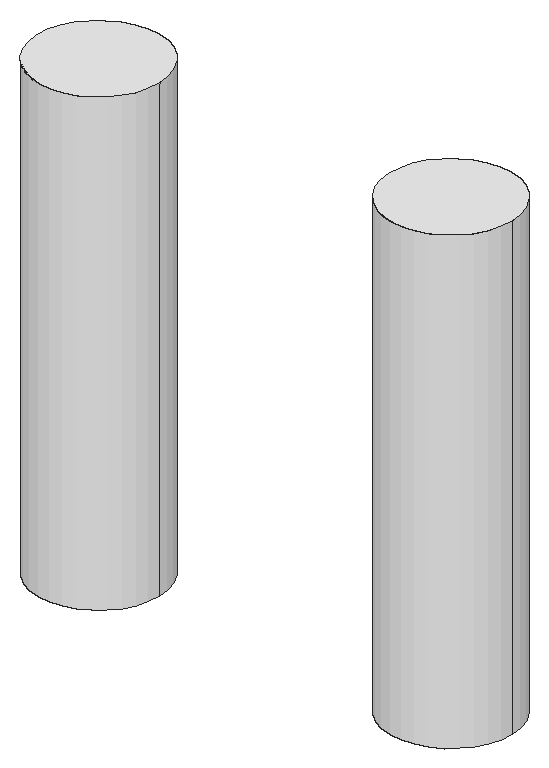
Revit family "51412293", category Plumbing Fixtures, Revit 2018
Family settings
  Round Connector Dimension = Use Diameter
  Part Type = Normal
  OmniClass Number = 23.45.55.00
  OmniClass Title = Sanitary Faucets, Wastes
  Work Plane-Based = No
  Always vertical = Yes
  Cut with Voids When Loaded = No
  Shared = No
  Room Calculation Point = No
Parameters (values of type "51412293 Washbasin faucet ")
  WorkingPressure = "50 - 1000 kPa"
  Working Pressure = "50 - 1000 kPa"
  WarrantyStartDate [instance] = "n/a"
  WarrantyGuarantorParts = "n/a"
  WarrantyGuarantorLabor = "n/a"
  WarrantyDurationUnit = "Year"
  WarrantyDurationParts = "n/a"
  WarrantyDurationLabor = "n/a"
  WarrantyDescription = "http://warranty.hansa.com"
  Warranty Information URL = "http://warranty.hansa.com"
  VersionDate = "01/07/2022"
  Version = "3"  # constant formula
  ValvePattern = "n/a"
  ValveOperation = "n/a"
  ValveMechanism = "n/a"
  Uniclass2015Reference = "Pr_40_20_87_96"
  Uniclass2015Description = "Washbasin manual water supply sets"
  Uniclass2 = "Pr_40_30_96_96"
  URL REACH = "http://static.hansa.com/doc/reach"
  URL KIWA = "http://static.hansa.com/Kiwa/51412293"
  URL Declaration of Conformity = "http://static.hansa.com/DoC/51412293"
  URL DVGW = "http://static.hansa.com/DVGW/51412293"
  URL ABP = "http://static.hansa.com/ABP/51412293"
  URL = ""
  UNSPSC Class Number = "30181700 Faucets or taps"
  TestPressure = "n/a"
  Temperature Adjustments = "Limitation option for maximum temperature and flow-rate ;Adjustable hot water stop (included, retrofittable)"
  Temperature = "Temperature limiter;Temperature limiter (retrofittable)"
  Technical DataSheet URL = "http://www.hansa.com/datasheet/51412293/en"
  TagNumber [instance] = "n/a"
  SustainabilityPerformance = "n/a"
  Surface treatment = "Chrome"
  Spout Type = "Fixed spout"
  Spout Projection = "103 mm"
  Spare-Part Information URL = "http://static.hansa.com/sp/51412293"
  Size = "48.5x137x136 mm"
  Shape = "Sculptured"
  SerialNumber [instance] = "n/a"
  Sales Package dimensions (LxWxH) = "380 x 180 x 74"
  Revision = "3"  # constant formula
  ReplacementCost = "n/a"
  ProductInformation = "Washbasin faucet with fixed spout and aerator"
  Product URL = "http://static.hansa.com/51412293"
  Product Image URL = "http://static.hansa.com/image/51412293"
  Product Family = "HANSAPOLO "
  Product Code = "51412293"
  OperatingMechanismMaterial = "n/a"
  NominalWidth = 48.5 mm
  NominalHeight = 137 mm
  NominalDepth = 137 mm
  Noise Class = "I (ISO3822)"
  Name_en = "51412293 Washbasin faucet"
  Name = "51412293 Washbasin faucet"
  NBSReference = "45-35-70/371"
  NBSDescription = "Water supply fittings for wash basins and troughs"
  Mounting Holes = "1 hole"
  ModelReference = "51412293"
  ModelNumber = "n/a"
  Model = "51412293 Washbasin faucet"
  Mobile Product Information URL = "http://mpi.hansa.com/51412293"
  Mechanical Parts = "ø 35 mm ceramic cartridge for flow and temperature control"
  Max. Hot Water Supply = 70 °C
  Material = "Brass"
  Market = "Austria;Belgium;Czech Republic;Germany;Spain;International;Italy;Netherlands;Slovakia"
  ManufacturerURL = "http://www.hansa.com"
  ManufacturerName = "HANSA"
  Manufacturer = "HANSA"
  Lever Handle = "Hot/Cold symbols;Single operating lever/handle"
  Interactive AR View URL = "https://static.hansa.com/AR/51412293"
  InstallationDate [instance] = "n/a"
  Installation and Maintenance Guide URL = "http://static.hansa.com/manual/51412293"
  Installation Type = "Deck mounted"
  InletConnectionSize = 8 mm
  IfcExportType = "FAUCET"  # constant formula
  IfcExportAs = "IfcValveType"  # constant formula
  Group = "Washbasin faucet"
  Grade = "n/a"
  FlowCoefficient = 0
  Flow Rate At 300kPa With Flow Controller = 0.1 L/s
  Flow Drawing URL = "http://static.hansa.com/flowchart/51412293"
  Finish = "Polished"
  Features = "Single-lever"
  FaucetMainMaterial = Brass
  FDV Document URL = "http://www.hansa.com/datasheet/51412293/en/fdv"
  Extensions = "Chain holder with chain"
  ExpectedLife = "n/a"
  Excluded Items = "Without pop-up waste"
  ETIM Class Number = "EC011328 Washbasin mixing tap"
  EN Standard = "EN 817"
  EAN Number = "4057304002823"
  DurationUnit = "Year"
  Dimension Drawing URL = "http://static.hansa.com/dimdrw/51412293"
  Description = "Washbasin faucet with fixed spout and aerator"
  DefaultElevation [instance] = 900 mm
  Constituents = "n/a"
  Connection Size = "G3/8"
  Connection = "Flexible inlet pipes"
  Color = "Chrome"
  CodePerformance = "n/a"
  CloseOffRating = 0
  Category = "Bathroom"
  Catalog Drawing URL = "http://static.hansa.com/catdrw/51412293"
  Brand = "HANSA"
  BodyMaterial = "Brass"
  Barcode [instance] = "n/a"
  BIMObjectName = "51412293"
  Author = "BIMStone"
  AssetType = "Fixed"
  AssetIdentifier [instance] = "n/a"
  Approval KIWA = "K6116/08"
  Approval DVGW = "NW-6506BP0361"
  Approval ABP = "P-IX 29493/IA"
  Ambience photo = "http://static.hansa.com/ambience/51412293"
  Aerator = "PCA® - constant flow rate regardless of pressure variations"
  Advanced Features = "Inner body made of DZR brass;Rapid installation system"
  AccessibilityPerformance = "n/a"
  3D View = "https://static.hansa.com/3D/51412293"
  2D/3D/BIM Files URL = "http://static.hansa.com/bim/51412293"
Reference planes
  plane 1 "Center (Front/Back)": y = 0
  plane 2: z = 0
  plane 3 "Center (Left/Right)": x = 0
  plane 4: x = -24.25
  plane 5: z = 1037
  plane 6: z = 900
  plane 7: z = 870
  plane 8: y = -137
  plane 9: x = 24.25
Forms (mm)
  Extrusion 1, solid, material "Brass" <- "FaucetMainMaterial"
    sketch origin (0, 0, 0) x (1, 0, 0) y (0, 1, 0)
      loop
        circle (-11.5, -22.5) r 4
      loop
        circle (11.5, -22.5) r 4
    from 870 to 900
  Extrusion 2, solid, material "Brass" <- "FaucetMainMaterial", detail levels medium
    sketch origin (0, 0, 0) x (0, 1, 0) y (0, 0, 1)
      loop
        line (-11.837, 1037) -> (-124.122, 1037) -> (-122.074, 1028.126) -> (-62.2, 1027.177)
        arc (-62.2, 1027.177) -> (-58.651, 1025.78) -> (-57.131, 1022.282) r 4.983
        line (-57.131, 1022.282) -> (-56.683, 996.618) -> (-137, 989.601) -> (-137, 987.69) -> (-131.699, 983.242) -> (-135.856, 977.305) -> (-116.182, 963.529) -> (-114.062, 966.556) -> (-77.551, 967.193)
        arc (-77.551, 967.193) -> (-59.309, 959.809) -> (-50.685, 942.118) r 27.474
        line (-50.685, 942.118) -> (-47, 900) -> (0, 900) -> (-11.837, 1037)
    from -24.25 to 24.25
  Extrusion 3, solid, material "Brass" <- "FaucetMainMaterial", detail levels coarse
    sketch origin (0, 0, 0) x (1, 0, 0) y (0, 1, 0)
      loop
        line (-24.25, 0) -> (-24.25, -137) -> (24.25, -137) -> (24.25, 0) -> (-24.25, 0)
    from 900 to 1037
Lines and regions (mm)
  symbolic lines, detail levels medium+fine
    curve 1: line (0, 0, 900) -> (-23.5, 0, 900)
    curve 2: line (-23.5, 0, 900) -> (-23.5, 0, 998.12)
    curve 3: spline (-24.25, 0, 1002.285) -> (-24.238, 0, 1002.205) -> (-24.201, 0, 1002.125) -> (-24.14, 0, 1002.045) -> (-24.055, 0, 1001.966) -> (-23.945, 0, 1001.886) -> (-23.812, 0, 1001.808) -> (-23.654, 0, 1001.729) -> (-23.472, 0, 1001.651) -> (-23.267, 0, 1001.574) -> (-23.039, 0, 1001.498) -> (-22.787, 0, 1001.422) -> (-22.512, 0, 1001.347)
    curve 4: arc (-24.25, 0, 1002.285) -> (-23.247, 0, 1017.942) -> (-21.807, 0, 1033.565) r 561.53
    curve 5: line (-20.482, 0, 1035.174) -> (-14.32, 0, 1036.261)
    curve 6: arc (-14.32, 0, 1036.261) -> (-9.879, 0, 1036.835) -> (-5.404, 0, 1037) r 48.793
    curve 7: line (-5.404, 0, 1037) -> (0, 0, 1037)
    curve 9: line (0, 0, 900) -> (23.5, 0, 900)
    curve 10: line (23.5, 0, 900) -> (23.5, 0, 998.12)
    curve 11: spline (24.25, 0, 1002.285) -> (24.238, 0, 1002.205) -> (24.201, 0, 1002.125) -> (24.14, 0, 1002.045) -> (24.055, 0, 1001.966) -> (23.945, 0, 1001.886) -> (23.812, 0, 1001.808) -> (23.654, 0, 1001.729) -> (23.472, 0, 1001.651) -> (23.267, 0, 1001.574) -> (23.039, 0, 1001.498) -> (22.787, 0, 1001.422) -> (22.512, 0, 1001.347)
    curve 12: arc (24.25, 0, 1002.285) -> (23.247, 0, 1017.942) -> (21.807, 0, 1033.565) r 561.53
    curve 13: line (20.482, 0, 1035.174) -> (14.32, 0, 1036.261)
    curve 14: arc (14.32, 0, 1036.261) -> (9.879, 0, 1036.835) -> (5.404, 0, 1037) r 48.793
    curve 15: line (5.404, 0, 1037) -> (0, 0, 1037)
    curve 16: line (-22.633, 0, 998.988) -> (-22.512, 0, 1001.347)
    curve 17: line (22.633, 0, 998.988) -> (22.512, 0, 1001.347)
    curve 18: arc (-22.633, 0, 998.988) -> (-23.246, 0, 998.734) -> (-23.5, 0, 998.12) r 0.867
    curve 19: arc (22.633, 0, 998.988) -> (23.246, 0, 998.734) -> (23.5, 0, 998.12) r 0.867
    curve 20: arc (-20.482, 0, 1035.174) -> (-21.441, 0, 1034.614) -> (-21.807, 0, 1033.565) r 1.605
    curve 21: arc (20.482, 0, 1035.174) -> (21.441, 0, 1034.614) -> (21.807, 0, 1033.565) r 1.605
    curve 59: line (0, 0, 900) -> (0, -47, 900)
    curve 60: line (0, -47, 900) -> (0, -50.685, 942.118)
    curve 61: arc (0, -50.685, 942.118) -> (0, -59.309, 959.809) -> (0, -77.551, 967.193) r 27.474
    curve 62: line (0, -77.551, 967.193) -> (0, -109.985, 966.627)
    curve 63: arc (0, -109.985, 966.627) -> (0, -111.706, 966.9) -> (0, -113.23, 967.744) r 5.017
    curve 65: line (0, -136.087, 989.68) -> (0, -56.683, 996.618)
    curve 66: line (0, -56.683, 996.618) -> (0, -57.131, 1022.282)
    curve 67: arc (0, -57.131, 1022.282) -> (0, -58.651, 1025.78) -> (0, -62.2, 1027.177) r 4.983
    curve 68: line (0, -62.2, 1027.177) -> (0, -118.76, 1028.074)
    curve 69: arc (0, -118.76, 1028.074) -> (0, -121.312, 1028.98) -> (0, -122.794, 1031.248) r 4.237
    curve 70: line (0, -122.794, 1031.248) -> (0, -123.357, 1033.686)
    curve 71: arc (0, -123.357, 1033.686) -> (0, -123.101, 1034.795) -> (0, -122.07, 1035.277) r 1.299
    curve 72: line (0, -122.07, 1035.277) -> (0, -83.546, 1036.623)
    curve 73: arc (0, -83.546, 1036.623) -> (0, -75.229, 1036.862) -> (0, -66.91, 1037) r 680.589
    curve 74: arc (0, -66.91, 1037) -> (0, -40.52, 1036.693) -> (0, -14.169, 1035.22) r 597.328
    curve 75: arc (0, -14.169, 1035.22) -> (0, -13.191, 1034.767) -> (0, -12.746, 1033.786) r 1.547
    curve 76: line (0, -12.746, 1033.786) -> (0, -9.744, 1014.834)
    curve 77: line (0, -9.744, 1014.834) -> (0, -15.314, 1011.619)
    curve 78: arc (0, -15.314, 1011.619) -> (0, -12.568, 1006.368) -> (0, -11.235, 1000.594) r 23.302
    curve 79: arc (0, -137, 988.684) -> (0, -136.737, 989.36) -> (0, -136.087, 989.68) r 1
    curve 80: arc (0, -137, 988.156) -> (0, -136.906, 987.733) -> (0, -136.643, 987.39) r 1
    curve 81: line (0, -137, 988.684) -> (0, -137, 988.156)
    curve 82: line (0, -116.182, 963.529) -> (0, -135.856, 977.305)
    curve 83: line (0, -131.699, 983.242) -> (0, -135.856, 977.305)
    curve 84: line (0, -113.23, 967.744) -> (0, -116.182, 963.529)
    curve 85: line (0, -131.699, 983.242) -> (0, -136.643, 987.39)
    curve 89: line (0, -11.235, 1000.594) -> (0, -8.819, 1000.805)
    curve 91: line (0, -137, 0) -> (-6.831, -137, 0)
    curve 92: arc (-6.831, -137, 0) -> (-9.954, -136.71, 0) -> (-12.97, -135.849, 0) r 16.95
    curve 93: arc (-12.97, -135.849, 0) -> (-13.9, -135.32, 0) -> (-14.637, -134.545, 0) r 3.659
    curve 94: arc (-14.637, -134.545, 0) -> (-15.74, -132.603, 0) -> (-16.449, -130.485, 0) r 11.565
    curve 95: line (-16.449, -130.485, 0) -> (-22.722, -40.776, 0)
    curve 96: line (0, -137, 0) -> (6.831, -137, 0)
    curve 97: arc (6.831, -137, 0) -> (9.954, -136.71, 0) -> (12.97, -135.849, 0) r 16.95
    curve 98: arc (12.97, -135.849, 0) -> (13.9, -135.32, 0) -> (14.637, -134.545, 0) r 3.659
    curve 99: arc (14.637, -134.545, 0) -> (15.74, -132.603, 0) -> (16.449, -130.485, 0) r 11.565
    curve 100: line (16.449, -130.485, 0) -> (22.722, -40.776, 0)
    curve 102: spline (23.357, -26.09, 0) -> (23.666, -27.298, 0) -> (23.911, -28.52, 0) -> (24.09, -29.752, 0) -> (24.203, -30.993, 0) -> (24.249, -32.237, 0) -> (24.228, -33.482, 0) -> (24.141, -34.725, 0) -> (23.988, -35.961, 0) -> (23.769, -37.187, 0) -> (23.484, -38.401, 0) -> (23.135, -39.598, 0) -> (22.722, -40.776, 0)
    curve 103: arc (23.357, -26.09, 0) -> (0, 0, 0) -> (-23.357, -26.09, 0) r 23.5
    curve 112: spline (-22.722, -40.776, 0) -> (-23.135, -39.598, 0) -> (-23.484, -38.401, 0) -> (-23.769, -37.187, 0) -> (-23.988, -35.961, 0) -> (-24.141, -34.725, 0) -> (-24.228, -33.482, 0) -> (-24.249, -32.237, 0) -> (-24.203, -30.993, 0) -> (-24.09, -29.752, 0) -> (-23.911, -28.52, 0) -> (-23.666, -27.298, 0) -> (-23.357, -26.09, 0)
    curve 117: line (0, 0, 900) -> (0, -8.819, 1000.805)
  symbolic lines, detail levels fine
    curve 8: spline (-22.512, 0, 1001.347) -> (-19.863, 0, 1000.838) -> (-16.168, 0, 1000.405) -> (-11.62, 0, 1000.071) -> (-6.46, 0, 999.854) -> (-0.96, 0, 999.765) -> (4.591, 0, 999.808) -> (9.899, 0, 999.982) -> (14.687, 0, 1000.278) -> (18.7, 0, 1000.679) -> (21.728, 0, 1001.165) -> (23.611, 0, 1001.71) -> (24.25, 0, 1002.285)
    curve 22: line (-15.899, 0, 1034.548) -> (-15.72, 0, 1031.125)
    curve 23: arc (-15.72, 0, 1031.125) -> (-14.393, 0, 1028.344) -> (-11.489, 0, 1027.315) r 4.026
    curve 24: line (-11.489, 0, 1027.315) -> (0, 0, 1027.315)
    curve 25: arc (-14.32, 0, 1036.261) -> (-15.47, 0, 1035.737) -> (-15.899, 0, 1034.548) r 1.629
    curve 26: line (15.899, 0, 1034.548) -> (15.72, 0, 1031.125)
    curve 27: arc (15.72, 0, 1031.125) -> (14.393, 0, 1028.344) -> (11.489, 0, 1027.315) r 4.026
    curve 28: line (11.489, 0, 1027.315) -> (0, 0, 1027.315)
    curve 29: arc (14.32, 0, 1036.261) -> (15.47, 0, 1035.737) -> (15.899, 0, 1034.548) r 1.629
    curve 30: spline (-22.633, 0, 998.988) -> (-21.861, 0, 998.451) -> (-19.6, 0, 997.951) -> (-16.004, 0, 997.522) -> (-11.316, 0, 997.193) -> (-5.858, 0, 996.986) -> (0, 0, 996.915) -> (5.858, 0, 996.986) -> (11.316, 0, 997.193) -> (16.004, 0, 997.522) -> (19.6, 0, 997.951) -> (21.861, 0, 998.451) -> (22.633, 0, 998.988)
    curve 31: spline (10.74, 0, 970.347) -> (10.374, 0, 971.955) -> (9.301, 0, 973.453) -> (7.594, 0, 974.74) -> (5.37, 0, 975.728) -> (2.78, 0, 976.349) -> (0, 0, 976.56) -> (-2.78, 0, 976.349) -> (-5.37, 0, 975.728) -> (-7.594, 0, 974.74) -> (-9.301, 0, 973.453) -> (-10.374, 0, 971.955) -> (-10.74, 0, 970.347) -> (-10.374, 0, 968.738) -> (-9.301, 0, 967.24) -> (-7.594, 0, 965.953) -> (-5.37, 0, 964.965) -> (-2.78, 0, 964.345) -> (0, 0, 964.133) -> (2.78, 0, 964.345) -> (5.37, 0, 964.965) -> (7.594, 0, 965.953) -> (9.301, 0, 967.24) -> (10.374, 0, 968.738) -> (10.74, 0, 970.347)
    curve 32: line (-10.74, 0, 970.347) -> (-10.74, 0, 977.121)
    curve 33: line (10.74, 0, 970.347) -> (10.74, 0, 977.121)
    curve 34: spline (-10.74, 0, 970.633) -> (-11.115, 0, 971.144) -> (-11.425, 0, 971.671) -> (-11.668, 0, 972.211) -> (-11.842, 0, 972.761) -> (-11.948, 0, 973.317) -> (-11.983, 0, 973.877) -> (-11.948, 0, 974.437) -> (-11.842, 0, 974.993) -> (-11.668, 0, 975.543) -> (-11.425, 0, 976.083) -> (-11.115, 0, 976.61) -> (-10.74, 0, 977.121)
    curve 35: line (-11.983, 0, 973.877) -> (-11.983, 0, 976.203)
    curve 36: line (11.983, 0, 973.877) -> (11.983, 0, 976.203)
    curve 37: spline (-11.983, 0, 976.203) -> (-11.574, 0, 978.096) -> (-10.377, 0, 979.86) -> (-8.473, 0, 981.375) -> (-5.991, 0, 982.538) -> (-3.101, 0, 983.269) -> (0, 0, 983.518) -> (3.101, 0, 983.269) -> (5.991, 0, 982.538) -> (8.473, 0, 981.375) -> (10.377, 0, 979.86) -> (11.574, 0, 978.096) -> (11.983, 0, 976.203)
    curve 38: spline (-10.74, 0, 977.121) -> (-9.578, 0, 978.273) -> (-8.088, 0, 979.275) -> (-6.321, 0, 980.092) -> (-4.338, 0, 980.696) -> (-2.207, 0, 981.067) -> (0, 0, 981.192) -> (2.207, 0, 981.067) -> (4.338, 0, 980.696) -> (6.321, 0, 980.092) -> (8.088, 0, 979.275) -> (9.578, 0, 978.273) -> (10.74, 0, 977.121)
    curve 39: spline (10.74, 0, 977.121) -> (11.115, 0, 976.61) -> (11.425, 0, 976.083) -> (11.668, 0, 975.543) -> (11.842, 0, 974.993) -> (11.948, 0, 974.437) -> (11.983, 0, 973.877) -> (11.948, 0, 973.317) -> (11.842, 0, 972.761) -> (11.668, 0, 972.211) -> (11.425, 0, 971.671) -> (11.115, 0, 971.144) -> (10.74, 0, 970.633)
    curve 40: line (-23.5, 0, 998.12) -> (-17.681, 0, 988.808)
    curve 41: line (-17.681, 0, 988.808) -> (-16.86, 0, 987.494)
    curve 42: arc (-16.86, 0, 987.494) -> (-15.964, 0, 986.671) -> (-14.772, 0, 986.423) r 2.289
    curve 43: line (-3.71, 0, 987.138) -> (-14.772, 0, 986.423)
    curve 44: arc (-3.71, 0, 987.138) -> (-1.858, 0, 987.301) -> (0, 0, 987.355) r 31.816
    curve 45: line (23.5, 0, 998.12) -> (16.86, 0, 987.494)
    curve 46: arc (16.86, 0, 987.494) -> (15.963, 0, 986.67) -> (14.77, 0, 986.422) r 2.29
    curve 47: line (3.71, 0, 987.138) -> (14.77, 0, 986.422)
    curve 48: arc (3.71, 0, 987.138) -> (1.858, 0, 987.301) -> (0, 0, 987.355) r 31.816
    curve 49: line (-23.5, 0, 988.518) -> (-18.651, 0, 977.627)
    curve 50: arc (-18.651, 0, 977.627) -> (-15.357, 0, 972.753) -> (-10.589, 0, 969.307) r 16.858
    curve 51: line (23.5, 0, 988.518) -> (18.651, 0, 977.627)
    curve 52: arc (18.651, 0, 977.627) -> (15.357, 0, 972.753) -> (10.589, 0, 969.307) r 16.858
    curve 53: line (-17.103, 0, 984.092) -> (-17.368, 0, 980.229)
    curve 54: arc (-17.368, 0, 980.229) -> (-16.589, 0, 975.346) -> (-13.751, 0, 971.296) r 11.008
    curve 55: arc (-14.772, 0, 986.423) -> (-16.42, 0, 985.741) -> (-17.103, 0, 984.092) r 2.331
    curve 56: line (17.103, 0, 984.092) -> (17.368, 0, 980.229)
    curve 57: arc (17.368, 0, 980.229) -> (16.589, 0, 975.346) -> (13.751, 0, 971.296) r 11.008
    curve 58: arc (14.772, 0, 986.423) -> (16.42, 0, 985.741) -> (17.103, 0, 984.092) r 2.331
    curve 64: line (0, -113.23, 967.744) -> (0, -131.699, 983.242)
    curve 86: line (0, -15.314, 1011.619) -> (0, -31.179, 1002.459)
    curve 87: line (0, -56.746, 1000.222) -> (0, -31.179, 1002.459)
    curve 88: line (0, -56.683, 996.618) -> (0, -11.235, 1000.594)
    curve 90: spline (-16.871, -49.542, 0) -> (-17.505, -48.918, 0) -> (-18.114, -48.272, 0) -> (-18.699, -47.604, 0) -> (-19.258, -46.915, 0) -> (-19.791, -46.206, 0) -> (-20.296, -45.479, 0) -> (-20.774, -44.734, 0) -> (-21.223, -43.971, 0) -> (-21.643, -43.194, 0) -> (-22.033, -42.401, 0) -> (-22.393, -41.595, 0) -> (-22.722, -40.776, 0)
    curve 101: spline (-23.357, -26.09, 0) -> (-21.412, -21.325, 0) -> (-18.468, -17.081, 0) -> (-14.662, -13.556, 0) -> (-10.172, -10.913, 0) -> (-5.207, -9.276, 0) -> (0, -8.722, 0) -> (5.207, -9.276, 0) -> (10.172, -10.913, 0) -> (14.662, -13.556, 0) -> (18.468, -17.081, 0) -> (21.412, -21.325, 0) -> (23.357, -26.09, 0)
    curve 104: line (0, -123.45, 0) -> (-5, -123.45, 0)
    curve 105: arc (-5, -123.45, 0) -> (-8.178, -122.739, 0) -> (-10.749, -120.742, 0) r 7.456
    curve 106: arc (-10.749, -120.742, 0) -> (-11.709, -119.136, 0) -> (-12.144, -117.316, 0) r 6.19
    curve 107: line (-12.144, -117.316, 0) -> (-15.964, -54.466, 0)
    curve 108: line (0, -123.45, 0) -> (5, -123.45, 0)
    curve 109: arc (5, -123.45, 0) -> (8.178, -122.739, 0) -> (10.749, -120.742, 0) r 7.456
    curve 110: arc (10.749, -120.742, 0) -> (11.709, -119.136, 0) -> (12.144, -117.316, 0) r 6.19
    curve 111: line (12.144, -117.316, 0) -> (15.964, -54.466, 0)
    curve 113: spline (22.722, -40.776, 0) -> (22.393, -41.595, 0) -> (22.033, -42.401, 0) -> (21.643, -43.194, 0) -> (21.223, -43.971, 0) -> (20.774, -44.734, 0) -> (20.296, -45.479, 0) -> (19.791, -46.206, 0) -> (19.258, -46.915, 0) -> (18.699, -47.604, 0) -> (18.114, -48.272, 0) -> (17.505, -48.918, 0) -> (16.871, -49.542, 0)
    curve 114: spline (18.875, -45.082, 0) -> (21.467, -38.062, 0) -> (21.469, -30.592, 0) -> (18.881, -23.572, 0) -> (14.014, -17.848, 0) -> (7.457, -14.112, 0) -> (0, -12.815, 0) -> (-7.457, -14.112, 0) -> (-14.014, -17.848, 0) -> (-18.881, -23.572, 0) -> (-21.469, -30.592, 0) -> (-21.467, -38.062, 0) -> (-18.875, -45.082, 0)
    curve 115: arc (-15.964, -54.466, 0) -> (-16.854, -49.598, 0) -> (-18.875, -45.082, 0) r 20.664
    curve 116: arc (15.964, -54.466, 0) -> (16.854, -49.598, 0) -> (18.875, -45.082, 0) r 20.664
Dimensions and locks
  "NominalHeight": plane 5 to plane 6
  "DefaultElevation": plane 6 to level
  locked: plane 6 to plane 7 at 30
  "NominalDepth": plane 8 to plane 1 "Center (Front/Back)"
  equal spacing: plane 4, plane 3 "Center (Left/Right)", plane 9
  "NominalWidth": plane 4 to plane 9
  "InletConnectionSize": diameter of Extrusion 1 sketch curve  (x2)
  aligned and locked: level to plane 2
  aligned and locked: plane 6 to Extrusion 1
  aligned and locked: Extrusion 1 to plane 7
  aligned and locked: Extrusion 3 to plane 6
  aligned and locked: plane 5 to Extrusion 3
  aligned and locked: plane 6 to import instance
Automatic sketch dimensions
  curve 101 to plane 4 = 0 mm
  curve 90 to plane 4 = 0 mm
  curve 112 to plane 4 = 0 mm
  curve 113 to plane 4 = 0 mm
  curve 102 to plane 4 = 0 mm
  plane 8 to curve 92 = 0 mm
  curve 96 to plane 3 "Center (Left/Right)" = 0 mm
  curve 90 to plane 3 "Center (Left/Right)" = 0 mm
  curve 101 to plane 3 "Center (Left/Right)" = 0 mm
  curve 102 to plane 3 "Center (Left/Right)" = 0 mm
  curve 113 to plane 3 "Center (Left/Right)" = 0 mm
  curve 108 to plane 3 "Center (Left/Right)" = 0 mm
  curve 103 to plane 3 "Center (Left/Right)" = 0 mm
  curve 114 to plane 3 "Center (Left/Right)" = 0 mm
  curve 112 to plane 3 "Center (Left/Right)" = 0 mm
  curve 115 to plane 4 = 12.34 mm
  plane 4 to curve 95 = 1.528 mm
  plane 4 to curve 95 = 7.801 mm
  plane 4 to curve 107 = 8.286 mm
  plane 4 to curve 107 = 12.106 mm
  curve 95 to curve 93 = 4.805 mm
  curve 106 to curve 92 = 5.313 mm
  curve 92 to curve 106 = 0.855 mm
  curve 94 to plane 3 "Center (Left/Right)" = 5.179 mm
  curve 92 to curve 104 = 1.831 mm
  plane 3 "Center (Left/Right)" to curve 108 = 5 mm
  curve 108 to curve 99 = 0.179 mm
  curve 109 to curve 110 = 0.976 mm
  curve 110 to curve 97 = 0.855 mm
  curve 98 to plane 8 = 4.562 mm
  curve 97 to curve 98 = 4.813 mm
  curve 97 to curve 111 = 5.313 mm
  plane 9 to curve 111 = 8.286 mm
  curve 98 to curve 100 = 4.805 mm
  plane 9 to curve 100 = 1.528 mm
  curve 116 to plane 9 = 12.34 mm
  curve 93 to plane 8 = 4.562 mm
  curve 93 to curve 95 = 1.953 mm
  curve 98 to curve 100 = 1.953 mm
  curve 98 to curve 99 = 4.55 mm
  curve 93 to curve 94 = 4.55 mm
  curve 94 to curve 104 = 4.438 mm
  curve 109 to curve 97 = 3.4 mm
  curve 105 to curve 92 = 3.4 mm
  curve 92 to curve 107 = 2.733 mm
  curve 97 to curve 111 = 2.733 mm
  curve 97 to curve 110 = 3.25 mm
  curve 92 to curve 106 = 3.25 mm
  curve 106 to curve 105 = 0.806 mm
  curve 110 to curve 109 = 0.806 mm
  plane 1 "Center (Front/Back)" to curve 115 = 55.719 mm
  curve 116 to curve 111 = 1.254 mm
  curve 115 to curve 107 = 1.254 mm
  curve 115 to curve 95 = 13.69 mm
  curve 111 to curve 100 = 13.69 mm
  plane 1 "Center (Front/Back)" to curve 103 = 23.5 mm
  plane 4 to curve 103 = 0.893 mm
  plane 4 to curve 115 = 5.375 mm
  curve 115 to curve 90 = 2.004 mm
  curve 93 to curve 94 = 0 mm
  curve 98 to curve 97 = 0 mm
  curve 113 to curve 114 = 2.004 mm
  plane 9 to curve 114 = 2.451 mm
  curve 113 to curve 114 = 4.46 mm
  curve 114 to curve 90 = 1.844 mm
  curve 101 to curve 90 = 0 mm
  curve 112 to curve 113 = 0 mm
  Extrusion 3 sketch curve to plane 4 = 0 mm
  plane 8 to Extrusion 3 sketch curve = 0 mm
  Extrusion 3 sketch curve to plane 9 = 0 mm
  Extrusion 3 sketch curve to plane 1 "Center (Front/Back)" = 0 mm
  Extrusion 2 sketch curve to plane 8 = 0 mm
  Extrusion 2 sketch curve to plane 6 = 0 mm
  Extrusion 2 sketch curve to plane 5 = 0 mm
  Extrusion 2 sketch curve to plane 1 "Center (Front/Back)" = 0 mm
  Extrusion 2 sketch curve to plane 8 = 1.144 mm
  Extrusion 2 sketch curve to plane 8 = 5.301 mm
  Extrusion 2 sketch curve to plane 8 = 12.878 mm
  Extrusion 2 sketch curve to Extrusion 2 sketch curve = 2.049 mm
  Extrusion 2 sketch curve to plane 8 = 20.818 mm
  Extrusion 2 sketch curve to Extrusion 2 sketch curve = 2.12 mm
  Extrusion 2 sketch curve to Extrusion 2 sketch curve = 36.007 mm
  Extrusion 2 sketch curve to Extrusion 2 sketch curve = 0.503 mm
  Extrusion 2 sketch curve to plane 5 = 9.823 mm
  Extrusion 2 sketch curve to Extrusion 2 sketch curve = 59.874 mm
  Extrusion 2 sketch curve to Extrusion 2 sketch curve = 0.087 mm
  Extrusion 2 sketch curve to plane 5 = 14.718 mm
  Extrusion 2 sketch curve to Extrusion 2 sketch curve = 4.982 mm
  Extrusion 2 sketch curve to Extrusion 2 sketch curve = 0.448 mm
  Extrusion 2 sketch curve to Extrusion 2 sketch curve = 27.37 mm
  Extrusion 2 sketch curve to Extrusion 2 sketch curve = 3.685 mm
  plane 6 to Extrusion 2 sketch curve = 39.723 mm
  Extrusion 2 sketch curve to Extrusion 2 sketch curve = 2.395 mm
  Extrusion 2 sketch curve to Extrusion 2 sketch curve = 3.664 mm
  Extrusion 2 sketch curve to Extrusion 2 sketch curve = 3.027 mm
  Extrusion 2 sketch curve to Extrusion 2 sketch curve = 4.448 mm
  Extrusion 2 sketch curve to Extrusion 2 sketch curve = 1.911 mm
  Extrusion 2 sketch curve to Extrusion 2 sketch curve = 25.664 mm
  Extrusion 2 sketch curve to plane 5 = 8.874 mm
  plane 1 "Center (Front/Back)" to Extrusion 2 sketch curve = 11.837 mm
  curve 81 to plane 8 = 0 mm
  curve 73 to plane 5 = 0 mm
  curve 74 to plane 5 = 0 mm
  curve 59 to plane 6 = 0 mm
  curve 59 to plane 1 "Center (Front/Back)" = 0 mm
  curve 85 to plane 8 = 0.357 mm
  curve 80 to plane 8 = 1 mm
  curve 79 to curve 80 = 0 mm
  curve 82 to plane 8 = 1.144 mm
  curve 64 to plane 8 = 5.301 mm
  curve 70 to plane 5 = 3.314 mm
  curve 70 to plane 8 = 13.643 mm
  curve 70 to plane 5 = 5.752 mm
  curve 70 to curve 70 = 0.563 mm
  curve 70 to curve 71 = 1.266 mm
  curve 72 to plane 5 = 1.723 mm
  curve 71 to curve 72 = 0.021 mm
  curve 68 to plane 5 = 8.926 mm
  curve 70 to curve 68 = 4.035 mm
  curve 71 to curve 69 = 3.399 mm
  curve 82 to plane 8 = 20.818 mm
  curve 82 to curve 84 = 2.952 mm
  curve 63 to curve 63 = 3.157 mm
  curve 64 to curve 62 = 3.245 mm
  curve 72 to plane 5 = 0.377 mm
  curve 69 to curve 72 = 35.147 mm
  curve 62 to curve 61 = 31.931 mm
  curve 61 to curve 62 = 0.503 mm
  curve 68 to plane 5 = 9.823 mm
  curve 72 to curve 68 = 21.346 mm
  curve 68 to curve 67 = 0.087 mm
  plane 1 "Center (Front/Back)" to curve 74 = 60.664 mm
  plane 1 "Center (Front/Back)" to curve 73 = 59.793 mm
  curve 66 to plane 5 = 14.718 mm
  curve 67 to curve 66 = 4.982 mm
  curve 66 to curve 66 = 0.448 mm
  curve 61 to curve 60 = 27.37 mm
  curve 60 to curve 59 = 3.685 mm
  curve 65 to curve 78 = 22.261 mm
  curve 78 to curve 86 = 3.242 mm
  plane 1 "Center (Front/Back)" to curve 77 = 15.314 mm
  curve 75 to plane 5 = 3.322 mm
  plane 1 "Center (Front/Back)" to curve 75 = 14.289 mm
  curve 76 to plane 5 = 3.214 mm
  curve 75 to curve 76 = 1.543 mm
  plane 1 "Center (Front/Back)" to curve 89 = 11.235 mm
  curve 78 to curve 76 = 5.569 mm
  level to curve 74 = 439.705 mm
  plane 6 to curve 61 = 39.723 mm
  curve 61 to curve 60 = 2.395 mm
  curve 82 to curve 61 = 3.664 mm
  curve 82 to curve 62 = 3.098 mm
  curve 63 to curve 84 = 1.117 mm
  curve 64 to curve 85 = 4.148 mm
  curve 80 to curve 79 = 0.528 mm
  curve 65 to curve 78 = 1.664 mm
  curve 78 to curve 89 = 2.312 mm
  curve 78 to curve 87 = 4.177 mm
  curve 78 to curve 76 = 3.215 mm
  curve 79 to plane 8 = 0.913 mm
  curve 65 to curve 79 = 0 mm
  curve 87 to plane 5 = 36.778 mm
  curve 88 to curve 117 = 2.415 mm
  curve 88 to curve 89 = 0.211 mm
  curve 3 to plane 4 = 0 mm
  curve 8 to plane 4 = 0 mm
  curve 2 to plane 6 = 0 mm
  curve 7 to plane 5 = 0 mm
  curve 48 to plane 3 "Center (Left/Right)" = 0 mm
  curve 39 to plane 3 "Center (Left/Right)" = 0 mm
  curve 11 to plane 3 "Center (Left/Right)" = 0 mm
  curve 38 to plane 3 "Center (Left/Right)" = 0 mm
  curve 9 to plane 3 "Center (Left/Right)" = 0 mm
  curve 37 to plane 3 "Center (Left/Right)" = 0 mm
  curve 8 to plane 3 "Center (Left/Right)" = 0 mm
  curve 30 to plane 3 "Center (Left/Right)" = 0 mm
  curve 7 to plane 3 "Center (Left/Right)" = 0 mm
  curve 24 to plane 3 "Center (Left/Right)" = 0 mm
  curve 31 to plane 3 "Center (Left/Right)" = 0 mm
  curve 3 to plane 3 "Center (Left/Right)" = 0 mm
  curve 34 to plane 3 "Center (Left/Right)" = 0 mm
  curve 12 to plane 5 = 62.774 mm
  curve 12 to plane 4 = 512.328 mm
  plane 4 to curve 2 = 0.75 mm
  curve 18 to curve 18 = 0.867 mm
  plane 4 to curve 16 = 1.738 mm
  curve 5 to plane 5 = 1.826 mm
  plane 4 to curve 5 = 3.768 mm
  curve 5 to curve 20 = 0.279 mm
  plane 4 to curve 49 = 5.599 mm
  curve 49 to curve 41 = 5.819 mm
  curve 50 to curve 53 = 1.283 mm
  curve 53 to curve 53 = 0.265 mm
  curve 40 to curve 41 = 0.821 mm
  curve 22 to plane 5 = 2.452 mm
  curve 20 to curve 22 = 4.304 mm
  curve 25 to curve 22 = 0.179 mm
  curve 42 to curve 42 = 1.941 mm
  curve 42 to curve 43 = 0.147 mm
  curve 25 to curve 5 = 1.579 mm
  curve 5 to curve 25 = 0.047 mm
  curve 53 to curve 35 = 5.385 mm
  curve 23 to curve 23 = 4.02 mm
  curve 23 to curve 24 = 0.211 mm
  curve 35 to curve 32 = 1.243 mm
  curve 34 to curve 54 = 4.354 mm
  curve 6 to plane 3 "Center (Left/Right)" = 5.848 mm
  curve 7 to plane 3 "Center (Left/Right)" = 5.404 mm
  curve 6 to curve 43 = 2.138 mm
  curve 44 to curve 50 = 0.46 mm
  plane 3 "Center (Left/Right)" to curve 15 = 5.404 mm
  curve 47 to curve 14 = 2.138 mm
  curve 57 to curve 33 = 4.354 mm
  curve 14 to curve 28 = 6.085 mm
  curve 27 to curve 27 = 0.211 mm
  curve 27 to curve 29 = 2.573 mm
  curve 13 to plane 5 = 0.739 mm
  curve 29 to curve 13 = 0.047 mm
  curve 14 to curve 47 = 8.922 mm
  curve 46 to curve 58 = 0.002 mm
  curve 58 to curve 46 = 0.146 mm
  curve 26 to plane 5 = 5.875 mm
  curve 29 to curve 26 = 1.447 mm
  curve 26 to plane 5 = 2.452 mm
  curve 29 to curve 26 = 1.626 mm
  curve 58 to curve 56 = 2.331 mm
  curve 56 to curve 56 = 0.265 mm
  curve 56 to curve 51 = 1.283 mm
  plane 9 to curve 21 = 4.047 mm
  curve 13 to plane 5 = 1.826 mm
  curve 21 to curve 13 = 0.279 mm
  plane 9 to curve 17 = 1.738 mm
  plane 9 to curve 9 = 0.75 mm
  curve 4 to plane 5 = 62.774 mm
  curve 4 to plane 9 = 512.328 mm
  curve 48 to curve 14 = 32.67 mm
  curve 36 to curve 14 = 12.006 mm
  curve 35 to curve 32 = 0.918 mm
  curve 37 to curve 51 = 1.425 mm
  curve 35 to curve 49 = 1.425 mm
  curve 34 to curve 54 = 2.355 mm
  curve 33 to curve 57 = 2.355 mm
  curve 50 to curve 53 = 2.602 mm
  curve 52 to curve 56 = 2.602 mm
  curve 53 to curve 55 = 3.863 mm
  curve 57 to curve 58 = 3.863 mm
  curve 54 to curve 50 = 5.008 mm
  curve 47 to curve 58 = 0.001 mm
  curve 47 to curve 14 = 1.071 mm
  curve 42 to curve 41 = 1.071 mm
  curve 44 to curve 6 = 1.071 mm
  curve 58 to curve 46 = 2.284 mm
  curve 42 to curve 41 = 1.314 mm
  curve 40 to curve 2 = 9.312 mm
  curve 30 to curve 16 = 2.36 mm
  curve 19 to curve 17 = 2.36 mm
  curve 28 to curve 27 = 3.81 mm
  curve 22 to curve 25 = 3.423 mm
  curve 20 to curve 5 = 1.58 mm
  curve 21 to curve 21 = 1.58 mm
  curve 20 to curve 20 = 1.604 mm
  curve 38 to curve 39 = 0 mm
  curve 46 to curve 46 = 1.942 mm
  curve 21 to curve 12 = 1.604 mm
  curve 31 to curve 33 = 0 mm
  curve 32 to curve 34 = 0.286 mm
  curve 33 to curve 39 = 0.286 mm
  curve 38 to curve 34 = 0 mm
  curve 35 to curve 37 = 2.326 mm
  curve 36 to curve 39 = 0 mm
  curve 45 to curve 51 = 1.024 mm
  curve 49 to curve 40 = 0.29 mm
  curve 44 to curve 48 = 0 mm
  plane 3 "Center (Left/Right)" to curve 52 = 3.25 mm
  curve 52 to curve 47 = 0.46 mm
  curve 52 to curve 48 = 2.654 mm
  curve 32 to curve 50 = 0.151 mm
  curve 52 to curve 33 = 1.04 mm
  curve 50 to curve 32 = 1.04 mm
  Extrusion 1 sketch curve to plane 3 "Center (Left/Right)" = 11.5 mm
  plane 3 "Center (Left/Right)" to Extrusion 1 sketch curve = 11.5 mm
  plane 1 "Center (Front/Back)" to Extrusion 1 sketch curve = 22.5 mm  (x2)
Nested families
  nested 1: "Symbol" at (0, 0, 0), type "Symbol", detail levels coarse
Connectors
  piping at (-11.5, -22.5, 870), diameter 8, driven by "InletConnectionSize"
    settings: on Extrusion 1, index 1, connector inside diameter 609.6 mm, connector length 0 mm, flow factor 0, pipe flow 0.1 L/s, pressure drop 0.0 Pa, fitting loss kfactor 0, connector angle 0.00°, fixture units 0, engagement length 0 mm, angle of deflection 0.00°, flow configuration 1, flow direction 1, fitting loss method 0, system type 19, joint type 0, gender type 0, connector reference index -1, connector utility 0, adjustable connector no, is connector primary yes, connector description ""
  piping at (11.5, -22.5, 870), diameter 8, driven by "InletConnectionSize"
    settings: on Extrusion 1, index 2, connector inside diameter 609.6 mm, connector length 0 mm, flow factor 0, pipe flow 0.1 L/s, pressure drop 0.0 Pa, fitting loss kfactor 0, connector angle 0.00°, fixture units 0, engagement length 0 mm, angle of deflection 0.00°, flow configuration 1, flow direction 1, fitting loss method 0, system type 20, joint type 0, gender type 0, connector reference index -1, connector utility 0, adjustable connector no, is connector primary no, connector description ""
Definition of nested family "Symbol"
  Reference planes
    plane 1: y = 0
    plane 2: x = 0
  Lines and regions (mm)
    detail lines
      curve 1: line (0, 0, 0) -> (0, -1.8, 0)
      curve 2: line (-0.4, -1.1, 0) -> (0.4, -1.1, 0)
      curve 3: line (-0.4, -1.4, 0) -> (0.4, -1.4, 0)
      curve 4: line (0.863, 0, 0) -> (-0.863, 0, 0)
      curve 5: circle (-1.163, 0, 0) r 0.3 normal (0, 0, -1)
      curve 6: circle (1.163, 0, 0) r 0.3 normal (0, 0, 1)
